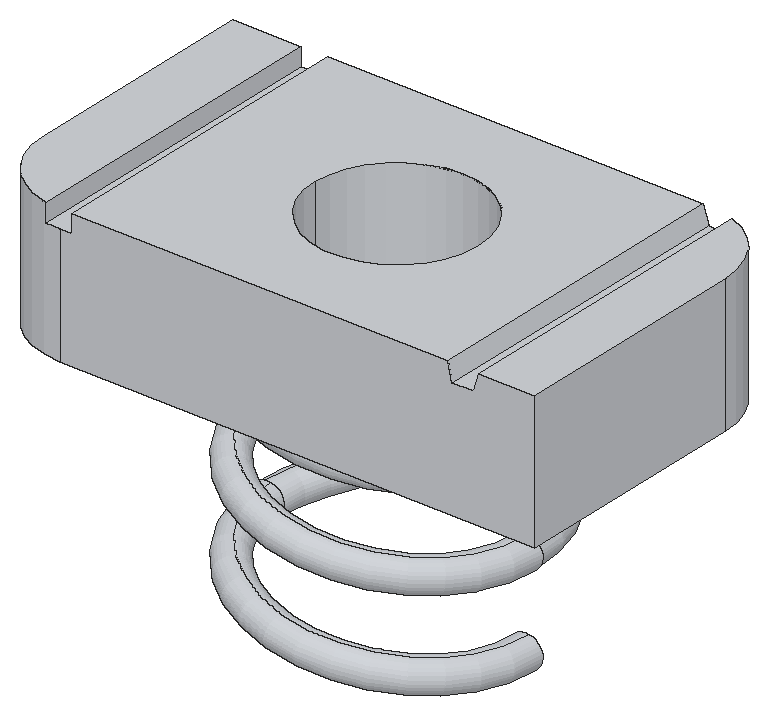
Revit family "CS26", category Generic Models, Revit 2017
Family settings
  Can host rebar = No
  Round Connector Dimension = Use Diameter
  Part Type = Normal
  Work Plane-Based = Yes
  Always vertical = No
  Cut with Voids When Loaded = No
  Shared = No
  Room Calculation Point = No
Parameters (values of type "NBS Standard Parameters")
  Weight = "0.0333Kg"
  WarrantyStartDate [instance] = "1900-12-31T23:59:59"
  WarrantyGuarantorParts = "n/a"
  WarrantyGuarantorLabor = "n/a"
  WarrantyDurationUnit = "year"
  WarrantyDurationParts = "n/a"
  WarrantyDurationLabor = "n/a"
  WarrantyDescription = "n/a"
  Version = "1"
  Uniclass2 = "PR-65_70_11_19"
  TagNumber [instance] = "n/a"
  SustainabilityPerformance = "n/a"
  Size = "M10"
  Shape = "Rectangular"
  SerialNumber [instance] = "n/a"
  Revision = "n/a"
  ReplacementCost = "n/a"
  ProductInformation = ""
  NominalWidth = 19.5 mm
  NominalLength = 34.5 mm
  NominalHeight = 8 mm
  Name = ""
  NBSTypeID = ""
  NBSReference = "90-55-10/305"
  NBSOfficeMasterTag = ""
  NBSNote = ""
  NBSDescription = "Channel Cable Support"
  NBSCertification = ""
  ModelReference = "CS26"
  ModelNumber = "n/a"
  Material = "Steel"
  ManufacturerURL = "www.metpro.co.uk"
  ManufacturerName = "Metpro Ltd"
  InstallationDate [instance] = "1900-12-31T23:59:59"
  IfcExportType = ""
  IfcExportAs = ""
  Grade = "n/a"
  Finish = "BZP"
  Features = "n/a"
  ExpectedLife = "n/a"
  DurationUnit = "year"
  Description = "NBS standard template"
  Default Elevation = 1219.2 mm
  Constituents = "n/a"
  Color = "n/a"
  CodePerformance = "n/a"
  Category = "n/a"
  BarCode [instance] = "n/a"
  BIMObjectName = "Role_Source_Type_Generic"
  Author = "Metpro Limited"
  AssetType = ""
  AssetIdentifier [instance] = "n/a"
  AccessibilityPerformance = "n/a"
Reference planes
  plane 1 "Center (Front/Back)": y = 0
  plane 2: z = 0
  plane 3 "Center (Left/Right)": x = 0
Forms (mm)
  Sweep 1, solid
    path origin (-131.498, 111.557, 9.169) x (0, -1, 0) y (-0.984808, 0, 0.173648)
      loop
        arc (100.907, -53) -> (108.907, -45) -> (100.907, -37) r 8
    profile origin (-87.182, 2.65, 1.355) x (0, 1, 0) y (-0.173648, 0, -0.984808)
      loop
        circle (0, 0) r 1
  Sweep 2, solid
    path origin (-131.537, -90.257, -9.232) x (0, 1, 0) y (0.984808, 0, 0.173648)
      loop
        arc (100.907, 53) -> (108.907, 45) -> (100.907, 37) r 8
    profile origin (-87.221, 18.65, -1.418) x (0, 1, 0) y (0.173648, 0, -0.984808)
      loop
        circle (0, 0) r 1
  Sweep 3, solid
    path origin (-131.498, 111.557, 3.672) x (0, -1, 0) y (-0.984808, 0, 0.173648)
      loop
        arc (100.907, -53) -> (108.907, -45) -> (100.907, -37) r 8
    profile origin (-87.182, 2.65, -4.143) x (0, 1, 0) y (-0.173648, 0, -0.984808)
      loop
        circle (0, 0) r 1
  Sweep 4, solid
    path origin (-131.537, -90.257, -14.73) x (0, 1, 0) y (0.984808, 0, 0.173648)
      loop
        arc (100.907, 53) -> (108.907, 45) -> (100.907, 37) r 8
    profile origin (-87.221, 18.65, -6.915) x (0, 1, 0) y (0.173648, 0, -0.984808)
      loop
        circle (0, 0) r 1
  Sweep 5, solid
    path origin (-131.498, 111.557, -1.805) x (0, -1, 0) y (-0.984808, 0, 0.173648)
      loop
        arc (100.907, -53) -> (108.907, -45) -> (100.907, -37) r 8
    profile origin (-87.182, 2.65, -9.62) x (0, 1, 0) y (-0.173648, 0, -0.984808)
      loop
        circle (0, 0) r 1
  Extrusion 6, solid
    sketch origin (-95.06, 10.65, 2.745) x (-0.173648, 0, -0.984808) y (-0.984808, 0, 0.173648)
      loop
        line (0.158, -0.256) -> (-1.146, 1.606) -> (-1.587, -0.891) -> (0.158, -0.256)
    from 0 to 0.704
  Extrusion 7, solid
    sketch origin (-93.907, 10.65, 4.152) x (-1, 0, 0) y (0, -1, 0)
      loop
        line (-17.868, -9.846) -> (11.132, -9.846) -> (11.132, 4.654)
        arc (11.132, 4.654) -> (9.668, 8.189) -> (6.132, 9.654) r 5
        line (6.132, 9.654) -> (-22.868, 9.654) -> (-22.868, -4.846)
        arc (-22.868, -4.846) -> (-21.403, -8.382) -> (-17.868, -9.846) r 5
      loop
        circle (-6.725, 0) r 5
    from -2.362 to 5.968
  Extrusion 8, void
    sketch origin (0, 10.65, -12.005) x (1, 0, 0) y (0, 0, 1)
      loop
        line (-76.529, 22.655) -> (-76.106, 21.056) -> (-74.793, 21.056) -> (-74.285, 22.655) -> (-76.529, 22.655)
    from -11.971 to 10.616
  Extrusion 9, void
    sketch origin (-67.239, 20.497, 4.152) x (1, 0, 0) y (0, 0, 1)
      loop
        line (-32.022, 6.53) -> (-33.683, 6.53) -> (-33.683, 4.869) -> (-32.022, 4.869) -> (-32.022, 6.53)
    from 0 to 20
Cuts and joins
  Extrusion 8, Extrusion 9 cuts Extrusion 7
Lines and regions (mm)
  model lines
    curve 1: line (-78.318, 10.65, -0.208) -> (-81.761, 10.65, -0.208)
    curve 2: line (-78.318, 10.65, -5.705) -> (-81.761, 10.65, -5.705)
Dimensions and locks
  aligned and locked: level to plane 2
